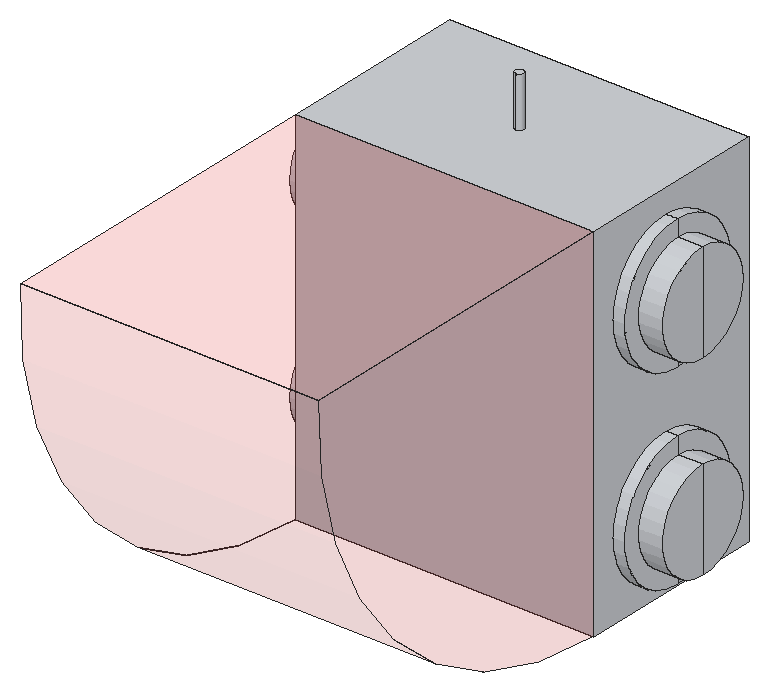
Revit family
Parameters (values of type "120 V Single Phase")
  Weight Scheduled [instance] = 39  # constant formula
  Voltage Workaround = Voltage / 1 V  # 120
  Voltage Scheduled = Voltage  # 120 V
  Voltage = 120 V  # constant formula
  VoltAmps Workaround [instance] = Voltage Workaround * Total FLA * sqrt(Phase)  # 108
  VoltAmps [instance] = VoltAmps Workaround * 1 VA  # 108 VA
  URL = "http://www.renewaire.com/_assets/files/SubmittalForms/EV70Submittal.pdf"
  Total FLA [instance] = 0.9  # constant formula
  Supply Motor RPM Scheduled [instance] = 0
  Supply Motor HP Scheduled [instance] = Supply Motor HP  # 0.08
  Supply Motor HP [instance] = 0.08  # constant formula
  Supply Motor FLA [instance] = 0.9  # constant formula
  Supply Motor Count Scheduled [instance] = 0
  Supply ESP Scheduled [instance] = Supply ESP  # 0.6
  Supply ESP [instance] = if(Supply CFM < 41 CFM, 0.6, if(Supply CFM < 59 CFM, 0.5, if(Supply CFM < 74 CFM, 0.4, if(Supply CFM < 86 CFM, 0.3, if(Supply CFM < 99 CFM, 0.2, if(Supply CFM < 114 CFM, 0.1, if(Supply CFM > 113 CFM, 0, 0)))))))  # 0.6
  Supply CFM Scheduled [instance] = Supply CFM  # 0 CFM
  Supply CFM [instance] = 0 CFM
  Supply Air Winter RH Scheduled [instance] = 0
  Supply Air Winter DB Scheduled [instance] = 0
  Supply Air Summer RH Scheduled [instance] = 0
  Supply Air Summer DB Scheduled [instance] = 0
  Sensible Recovery Efficiency [instance] = 72  # constant formula
  Phase Scheduled = Phase  # 1
  Phase = 1  # constant formula
  Outside Air Winter RH Scheduled [instance] = 0
  Outside Air Winter DB Scheduled [instance] = 0
  Outside Air Summer RH Scheduled [instance] = 0
  Outside Air Summer DB Scheduled [instance] = 0
  Number of Poles = 1
  Model = "EV70"
  Manufacturer = "RenewAire"
  MOCP Scheduled [instance] = 0
  MCA Scheduled [instance] = 0
  FLA Scheduled [instance] = Total FLA  # 0.9
  Exhaust RH Scheduled [instance] = 0
  Exhaust Motor RPM Scheduled [instance] = 0
  Exhaust Motor HP Scheduled [instance] = 0.1
  Exhaust Motor Count Scheduled [instance] = 0
  Exhaust ESP Scheduled [instance] = Exhaust ESP  # 0.6
  Exhaust ESP [instance] = if(Exhaust CFM < 41 CFM, 0.6, if(Exhaust CFM < 59 CFM, 0.5, if(Exhaust CFM < 74 CFM, 0.4, if(Exhaust CFM < 86 CFM, 0.3, if(Exhaust CFM < 99 CFM, 0.2, if(Exhaust CFM < 114 CFM, 0.1, if(Exhaust CFM > 113 CFM, 0, 0)))))))  # 0.6
  Exhaust DB Scheduled [instance] = 0
  Exhaust CFM Scheduled [instance] = Exhaust CFM  # 0 CFM
  Exhaust CFM [instance] = 0 CFM
  Apparent Sensible Effectiveness [instance] = 79
Reference planes (in)
  plane 1 "Center (Front/Back)": y = 1.75
  plane 2: z = 0
  plane 3 "Center (Left/Right)": x = 1.8125
  plane 4 "Air Out Connector Centerline": y = 1.75
  plane 5 "MOUNTING FLANGE": y = 8
Forms (in)
  Extrusion 1, solid
    sketch origin (0, 0, 0) x (1, 0, 0) y (0, 1, 0)
      loop
        line (-10.75, 8) -> (-10.75, -3.625) -> (7.25, -3.625) -> (7.25, 8) -> (-10.75, 8)
    from 1 to 22.875
  Extrusion 2, solid
    sketch origin (1.8125, 2.875, 1.17729) x (0, 1, 0) y (0, 0, 1)
      loop
        line (-6.5, 21.69771) -> (-27.25, 21.69771)
        arc (-27.25, 21.69771) -> (-21.58499, 6.29245) -> (-6.5, -0.17729) r 20.75
        line (-6.5, -0.17729) -> (-6.5, 21.69771)
    from 5.4375 to -12.5625
  Revolve 3, solid
    sketch origin (-7.125, 1.75, 3.375) x (-1, 0, 0) y (0, 0, 1)
      loop
        line (-14.375, 18.12495) -> (-15.125, 18.12495) -> (-15.125, 17.125) -> (-16.625, 17.125) -> (-16.625, 14.125) -> (-14.375, 14.125) -> (-14.375, 18.12495)
      axis (-16.625, 14.125) -> (-14.375, 14.125)
    angle from 0 to 360
  Revolve 4, solid
    sketch origin (-7.125, 1.75, -8.75) x (-1, 0, 0) y (0, 0, 1)
      loop
        line (-14.375, 18.49995) -> (-15.125, 18.49995) -> (-15.125, 17.5) -> (-16.625, 17.5) -> (-16.625, 14.5) -> (-14.375, 14.5) -> (-14.375, 18.49995)
      axis (-16.625, 14.5) -> (-14.375, 14.5)
    angle from 0 to 360
  Revolve 5, solid
    sketch origin (3.625, 1.75, 2.875) x (1, 0, 0) y (0, 0, 1)
      loop
        line (-14.375, 18.62495) -> (-15.125, 18.62495) -> (-15.125, 17.625) -> (-16.625, 17.625) -> (-16.625, 14.625) -> (-14.375, 14.625) -> (-14.375, 18.62495)
      axis (-16.625, 14.625) -> (-14.375, 14.625)
    angle from 0 to 360
  Revolve 6, solid
    sketch origin (3.625, 1.75, -8.875) x (1, 0, 0) y (0, 0, 1)
      loop
        line (-14.375, 18.62495) -> (-15.125, 18.62495) -> (-15.125, 17.625) -> (-16.625, 17.625) -> (-16.625, 14.625) -> (-14.375, 14.625) -> (-14.375, 18.62495)
      axis (-16.625, 14.625) -> (-14.375, 14.625)
    angle from 0 to 360
  Extrusion 7, solid
    sketch origin (8.34137, 43.9281, 22.875) x (0, -1, 0) y (1, 0, 0)
      loop
        circle (41.9281, -10.09137) r 0.25
    from 3 to 0
Cuts and joins
  joined: Extrusion 1, Revolve 3, Revolve 4, Revolve 5, Revolve 6, Extrusion 7
Lines and regions (in)
  model lines, style "RenewAire ERV"
    curve 1: line (-10.75, 8, 22.8125) -> (-9.8125, 8, 23.75)
    curve 2: line (-9.8125, 8, 23.75) -> (6.3125, 8, 23.75)
    curve 3: line (7.25, 8, 22.8125) -> (6.3125, 8, 23.75)
    curve 4: circle (-8.25, 8, 23.2982) r 0.25 normal (0, 1, 0)
    curve 5: circle (-1.75, 8, 23.2982) r 0.25 normal (0, 1, 0)
    curve 6: line (-10.75, 8, 0.9375) -> (-9.8125, 8, 0)
    curve 7: line (-9.8125, 8, 0) -> (6.3125, 8, 0)
    curve 8: line (7.25, 8, 0.9375) -> (6.3125, 8, 0)
    curve 9: circle (-8.25, 8, 0.4518) r 0.25 normal (0, -1, 0)
    curve 10: circle (-1.75, 8, 0.4518) r 0.25 normal (0, -1, 0)
    curve 11: circle (4.75, 8, 0.4518) r 0.25 normal (0, 1, 0)
    curve 12: circle (4.75, 8, 23.2982) r 0.25 normal (0, -1, 0)
Dimensions and locks (in)
  Extrusion 1 to Revolve 3 sketch curve = 0' - 5 3/8"
  Extrusion 1 to Revolve 5 sketch curve = 0' - 5 3/8"
  aligned and locked: plane 5 "MOUNTING FLANGE" to cut or joined group of Extrusion 1, Revolve 3, Revolve 4, Revolve 5, Revolve 6, Extrusion 7
  aligned and locked: Extrusion 2 to cut or joined group of Extrusion 1, Revolve 3, Revolve 4, Revolve 5, Revolve 6, Extrusion 7
Connectors (in)
  hvac at (9.5, 1.75, 17.5), driven by "Exhaust CFM"
    settings: on Revolve 3, index 6, duct flow 0 CFM, flow factor 0, pres drop 0.00 in-wg, loss coef 0, conn angle 0.00°, conn width 12", conn height 12", conn radius 3", duct sys type 3, conn prof type 0, flow config 1, flow direction 2, loss method 0, conn ref index -1, conn util no, is conn primary yes, conn desc ""
  hvac at (9.5, 1.75, 5.75), driven by "Supply CFM"
    settings: on Revolve 4, index 7, duct flow 0 CFM, flow factor 0, pres drop 0.00 in-wg, loss coef 0, conn angle 0.00°, conn width 12", conn height 12", conn radius 3", duct sys type 1, conn prof type 0, flow config 0, flow direction 2, loss method 0, conn ref index -1, conn util no, is conn primary no, conn desc ""
  hvac at (-13, 1.75, 17.5), driven by "Supply CFM"
    settings: on Revolve 5, index 8, duct flow 0 CFM, flow factor 0, pres drop 0.00 in-wg, loss coef 0, conn angle 0.00°, conn width 12", conn height 12", conn radius 3", duct sys type 1, conn prof type 0, flow config 1, flow direction 1, loss method 0, conn ref index -1, conn util no, is conn primary no, conn desc ""
  hvac at (-13, 1.75, 5.75), driven by "Exhaust CFM"
    settings: on Revolve 6, index 9, duct flow 0 CFM, flow factor 0, pres drop 0.00 in-wg, loss coef 0, conn angle 0.00°, conn width 12", conn height 12", conn radius 3", duct sys type 3, conn prof type 0, flow config 0, flow direction 1, loss method 0, conn ref index -1, conn util no, is conn primary no, conn desc ""
  electrical at (-1.75, 2, 25.875), driven by "VoltAmps", driven by "Voltage", driven by "Number of Poles"
    settings: on cut or joined group of Extrusion 1, Revolve 3, Revolve 4, Revolve 5, Revolve 6, Extrusion 7, index 10, voltage 120 V, apparent load 108 VA, apparent load phase1 0 VA, apparent load phase2 0 VA, apparent load phase3 0 VA, power factor 1, load classification "HVAC", number of poles 1, system type 30, power factor state 1, is connector primary yes, connector utility no, sub classification motor no, connector description "CORD CONNECTED"
